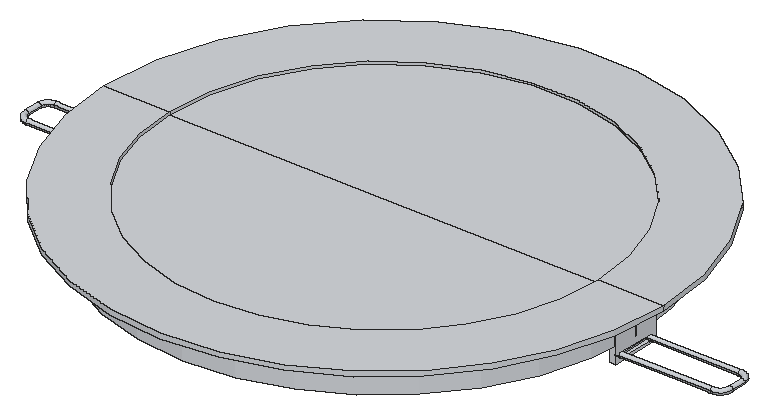
Revit family "0053956", category Lighting Fixtures, host Face, Revit 2017
Family settings
  Host = Face
  Round Connector Dimension = Use Diameter
  Part Type = Normal
  OmniClass Number = 23.80.70.00
  OmniClass Title = Lighting
  Cut with Voids When Loaded = No
  Light Source = Yes
  Shared = No
  Room Calculation Point = No
Parameters (values of type "0053956 SYLFLAT 205 IP44 2200LM 830 DIM")
  Weight = "4.57 kg"
  Wattage Comments = ""
  Wattage = 24 W
  WarrantyStartDate [instance] = "n/a"
  WarrantyGuarantorParts = "n/a"
  WarrantyDurationUnit = "n/a"
  WarrantyDurationParts = "n/a"
  WarrantyDescription = "n/a"
  built-in parameter 1150110 = 1 (stored number, unit not read)
  Voltage = 0 V
  URL = "http://www.sylvania-lighting.com"
  TypeName = "Sylflat 205 IP44 2200lm 830 DIM"
  Type Image = <None>
  Type Comments = "n/a"
  built-in parameter 1114217 = 1 (stored number, unit not read)
  Tilt Angle = -90.00°
  built-in parameter 1150109 = 1 (stored number, unit not read)
  built-in parameter 1150134 = (empty or 0)
  built-in parameter 1150113 = 1 (stored number, unit not read)
  SerialNumber [instance] = "n/a"
  SIZE_203_SYL = 1
  SIZE_155_SYL = 0
  R_DIFF_SYL = if(SIZE_155_SYL = 1, 63.5 mm, if(SIZE_203_SYL = 1, 86.5 mm, 40 mm))  # 86.5 mm
  R2_SYL = if(SIZE_155_SYL = 1, 77.5 mm, if(SIZE_203_SYL = 1, 101.5 mm, 52.5 mm))  # 101.5 mm
  R1_SYL = if(SIZE_155_SYL = 1, 86 mm, if(SIZE_203_SYL = 1, 113 mm, 60 mm))  # 113 mm
  Photometric Web File = "0053956.ies"
  LUM_HEIGHT_SYL = 15 mm - CHAMF_SYL  # 14 mm
  CLIP_SYL = 10 mm
  CLIP_HOLE_SYL = 2.5 mm
  CLIP_HOLE_HE_SYL = 8.5 mm
  CLIP_D_SYL = R2_SYL - 2.5 mm  # 99 mm
  CLIP_DIST_SYL = R2_SYL - 2.5 mm  # 99 mm
  CLIP_CUTOUT_SYL = 19 mm
  CHAMF_SYL = 1 mm
  Material_3_SYL = none
  PowerFactor = 0.9
  PowerConsumption = "24 W"
  NominalLength = 226 mm
  NominalHeight = 21 mm
  NominalDepth = 226 mm
  Name = "Sylflat 205 IP44 2200lm 830 DIM"
  ModelReference = Name  # "Sylflat 205 IP44 2200lm 830 DIM"
  ModelNumber = "0053956"
  Model = Name  # "Sylflat 205 IP44 2200lm 830 DIM"
  Material = "n/a"
  ManufacturerName = "Feilo Sylvania"
  Manufacturer = "Feilo Sylvania"
  LuminousEfficacy = "100 lm/W"
  built-in parameter 1150105 = 190.99 (stored number, unit not read)
  Lumens = 2400 lm
  LuminaireType = ""
  built-in parameter 1150115 = 1 (stored number, unit not read)
  LightOutputRatio = "n/a"
  built-in parameter 1150137 = (empty or 0)
  built-in parameter 1150139 = (empty or 0)
  LampsType = Lamp  # "LED"
  LampNominalLuminous = "2200 lm"
  LampMacAdamStep = "3"
  LampColourTemperature = "3000 K"
  LampColourRenderingIndex = "80"
  built-in parameter 1150112 = 1 (stored number, unit not read)
  built-in parameter 1150114 = 1 (stored number, unit not read)
  Lamp = "LED"
  Keynote = "16500"
  InstallationDate [instance] = "n/a"
  InputVoltage = "n/a"
  InputNominalFrequency = "n/a"
  built-in parameter 1150132 = (empty or 0)
  built-in parameter 1150102 = (empty or 0)
  built-in parameter 1150107 = 3000 (stored number, unit not read)
  built-in parameter 1150138 = (empty or 0)
  IngressProtection = "IP44/20"
  ImpactProtectionIndex = "IK06"
  built-in parameter 1150106 = 1.9099 (stored number, unit not read)
  IfcExportType = "IfcLightFixtureType"
  IfcExportAs = "IfcLightFixtureType"
  Emit from Circle Diameter = 609.6 mm
  Emit Shape Visible in Rendering = no
  ElectricShockClassification = "Class II"
  built-in parameter 1150104 = 9.2903 (stored number, unit not read)
  DocumentationLiterature = "http://www.sylvania-lighting.com/product/en-int/products/0053956"
  DimmingControlOptions = "n/a"
  Material_2_SYL = none
  Dimming Lamp Color Temperature Shift = <None>
  Description = "Sylflat DIM is an integrated LED recessed downlight with separated phase dimmable driver; 24W; 2200Lm; 100Lm/W; 3000K; IP44 rated from the front; 50,000hrs (L70B50)."
  Default Elevation = 1219.2 mm
  CreatedOn = "8/6/2020"
  CreatedBy = "@sylvania-lighting.com"
  Cost = 0
  Color Filter = 16777215
  built-in parameter 1114216 [instance] = (empty or 0)
  ClassificationValue = "EF_70_80"
  ClassificationName = "Uniclass2015"
  Material_1_SYL = none
  CHAMF_2_SYL = 1 mm
  BarCode [instance] = "n/a"
  built-in parameter 1114218 = 1 (stored number, unit not read)
  built-in parameter 1150133 = 10 (stored number, unit not read)
  AssetType = "Fixed"
  AssetIdentifier [instance] = "n/a"
  Assembly Code = "D5020200"
  Apparent Load = 24 VA
  Material_4_SYL = none
Types (17, lengths in mm): name | Weight | Wattage | TypeName | built-in parameter 1150134 | SIZE_203_SYL | SIZE_155_SYL | R_DIFF_SYL | R2_SYL | R1_SYL | Photometric Web File | CLIP_D_SYL | CLIP_DIST_SYL | PowerFactor | PowerConsumption | NominalLength | NominalHeight | NominalDepth | Name | ModelReference | ModelNumber | Model | Material | LuminousEfficacy | built-in parameter 1150105 | Lumens | LampNominalLuminous | LampMacAdamStep | LampColourTemperature | built-in parameter 1150107 | built-in parameter 1150106 | built-in parameter 1150104 | DocumentationLiterature | Description | Apparent Load
  0053988 SYLFLAT 105 IP44 550LM 830 DIM | "3.555 kg" | 7 W | "Sylflat 105 IP44 550lm 830 DIM" | (empty or 0) | 0 | 1 | 63.5 | 77.5 | 86 | "0053988.ies" | 75 | 75 | 0 | "7 W" | 0 | 0 | 0 | "Sylflat 105 IP44 550lm 830 DIM" | "Sylflat 105 IP44 550lm 830 DIM" | "53988" | "Sylflat 105 IP44 550lm 830 DIM" | "n/a" | "78.57 lm/W" | 43.768 (stored number, unit not read) | 550 lm | "550 lm" | "3" | "3000 K" | 3000 (stored number, unit not read) | 0.43768 (stored number, unit not read) | 7.2995 (stored number, unit not read) | "http://www.sylvania-lighting.com/product/en-int/products/0053988" | "Sylflat DIM is an integrated LED recessed downlight with separated phase dimmable driver; 7W; 550Lm; 79Lm/W; 3000K; IP44 rated from the front; 50,000hrs (L70B50)." | 7 VA
  0053957 SYLFLAT 205 IP44 2250LM 840 DIM | "4.57 kg" | 24 W | "Sylflat 205 IP44 2250lm 840 DIM" | 12 | 1 | 0 | 86.5 | 101.5 | 113 | "0053957.ies" | 99 | 99 | 0.9 | "24 W" | 226 | 21 | 226 | "Sylflat 205 IP44 2250lm 840 DIM" | "Sylflat 205 IP44 2250lm 840 DIM" | "53957" | "Sylflat 205 IP44 2250lm 840 DIM" | "n/a" | "103 lm/W" | 196.72 (stored number, unit not read) | 2472 lm | "2250 lm" | "3" | "4000 K" | 4000 (stored number, unit not read) | 1.9672 (stored number, unit not read) | 9.569 (stored number, unit not read) | "http://www.sylvania-lighting.com/product/en-int/products/0053957" | "Sylflat DIM is an integrated LED recessed downlight with separated phase dimmable driver; 24W; 2250Lm; 103Lm/W; 4000K; IP44 rated from the front; 50,000hrs (L70B50)." | 24 VA
  0053956 SYLFLAT 205 IP44 2200LM 830 DIM | "4.57 kg" | 24 W | "Sylflat 205 IP44 2200lm 830 DIM" | (empty or 0) | 1 | 0 | 86.5 | 101.5 | 113 | "0053956.ies" | 99 | 99 | 0.9 | "24 W" | 226 | 21 | 226 | "Sylflat 205 IP44 2200lm 830 DIM" | "Sylflat 205 IP44 2200lm 830 DIM" | "0053956" | "Sylflat 205 IP44 2200lm 830 DIM" | "n/a" | "100 lm/W" | 190.99 (stored number, unit not read) | 2400 lm | "2200 lm" | "3" | "3000 K" | 3000 (stored number, unit not read) | 1.9099 (stored number, unit not read) | 9.2903 (stored number, unit not read) | "http://www.sylvania-lighting.com/product/en-int/products/0053956" | "Sylflat DIM is an integrated LED recessed downlight with separated phase dimmable driver; 24W; 2200Lm; 100Lm/W; 3000K; IP44 rated from the front; 50,000hrs (L70B50)." | 24 VA
  0053955 SYLFLAT 205 IP44 1750LM 840 DIM | "4.57 kg" | 17 W | "Sylflat 205 IP44 1750lm 840 DIM" | 12 | 1 | 0 | 86.5 | 101.5 | 113 | "0053955.ies" | 99 | 99 | 0.9 | "17 W" | 226 | 21 | 226 | "Sylflat 205 IP44 1750lm 840 DIM" | "Sylflat 205 IP44 1750lm 840 DIM" | "53955" | "Sylflat 205 IP44 1750lm 840 DIM" | "aluminium housing, other diffuser" | "103 lm/W" | 139.34 (stored number, unit not read) | 1751 lm | "1750 lm" | "3" | "4000 K" | 4000 (stored number, unit not read) | 1.3934 (stored number, unit not read) | 9.569 (stored number, unit not read) | "http://www.sylvania-lighting.com/product/en-int/products/0053955" | "Sylflat DIM is an integrated LED recessed downlight with separated phase dimmable driver; 17W; 1750Lm; 103Lm/W; 4000K; IP44 rated from the front; 50,000hrs (L70B50)." | 17 VA
  0053954 SYLFLAT 205 IP44 1550LM 830 DIM | "4.57 kg" | 17 W | "Sylflat 205 IP44 1550lm 830 DIM" | (empty or 0) | 1 | 0 | 86.5 | 101.5 | 113 | "0053954.ies" | 99 | 99 | 0.9 | "17 W" | 226 | 21 | 226 | "Sylflat 205 IP44 1550lm 830 DIM" | "Sylflat 205 IP44 1550lm 830 DIM" | "53954" | "Sylflat 205 IP44 1550lm 830 DIM" | "aluminium housing, other diffuser" | "91 lm/W" | 123.11 (stored number, unit not read) | 1547 lm | "1550 lm" | "3" | "3000 K" | 3000 (stored number, unit not read) | 1.2311 (stored number, unit not read) | 8.4542 (stored number, unit not read) | "http://www.sylvania-lighting.com/product/en-int/products/0053954" | "Sylflat DIM is an integrated LED recessed downlight with separated phase dimmable driver; 17W; 1550Lm; 91Lm/W; 3000K; IP44 rated from the front; 50,000hrs (L70B50)." | 17 VA
  0053953 SYLFLAT 155 IP44 1100LM 840 DIM | "3.27 kg" | 12 W | "Sylflat 155 IP44 1100lm 840 DIM" | 12 | 0 | 1 | 63.5 | 77.5 | 86 | "0053953.ies" | 75 | 75 | 0.9 | "12 W" | 172 | 21 | 172 | "Sylflat 155 IP44 1100lm 840 DIM" | "Sylflat 155 IP44 1100lm 840 DIM" | "53953" | "Sylflat 155 IP44 1100lm 840 DIM" | "aluminium housing, other diffuser" | "92 lm/W" | 87.854 (stored number, unit not read) | 1104 lm | "1100 lm" | "3" | "4000 K" | 4000 (stored number, unit not read) | 0.87854 (stored number, unit not read) | 8.5471 (stored number, unit not read) | "http://www.sylvania-lighting.com/product/en-int/products/0053953" | "Sylflat DIM is an integrated LED recessed downlight with separated phase dimmable driver; 12W; 1100Lm; 92Lm/W; 4000K; IP44 rated from the front; 50,000hrs (L70B50)." | 12 VA
  0053952 SYLFLAT 155 IP44 1000LM 830 DIM | "3.27 kg" | 12 W | "Sylflat 155 IP44 1000lm 830 DIM" | (empty or 0) | 0 | 1 | 63.5 | 77.5 | 86 | "0053952.ies" | 75 | 75 | 0.9 | "12 W" | 172 | 21 | 172 | "Sylflat 155 IP44 1000lm 830 DIM" | "Sylflat 155 IP44 1000lm 830 DIM" | "53952" | "Sylflat 155 IP44 1000lm 830 DIM" | "aluminium housing, other diffuser" | "83 lm/W" | 79.259 (stored number, unit not read) | 996 lm | "1000 lm" | "3" | "3000 K" | 3000 (stored number, unit not read) | 0.79259 (stored number, unit not read) | 7.711 (stored number, unit not read) | "http://www.sylvania-lighting.com/product/en-int/products/0053952" | "Sylflat DIM is an integrated LED recessed downlight with separated phase dimmable driver; 12W; 1000Lm; 83Lm/W; 3000K; IP44 rated from the front; 50,000hrs (L70B50)." | 12 VA
  0053951 ST E DOWNLIGHT FLT 205 IP44 2200 865 DIM | "4.57 kg" | 24 W | "START eco Downlight Flat 205 IP44 2200lm 865 DIM" | 1 | 1 | 0 | 86.5 | 101.5 | 113 | "0053951.ies" | 99 | 99 | 0.9 | "24 W" | 226 | 21 | 226 | "START eco Downlight Flat 205 IP44 2200lm 865 DIM" | "START eco Downlight Flat 205 IP44 2200lm 865 DIM" | "53951" | "START eco Downlight Flat 205 IP44 2200lm 865 DIM" | "n/a" | "92 lm/W" | 175.71 (stored number, unit not read) | 2208 lm | "2200 lm" | "5" | "6500 K" | 6500 (stored number, unit not read) | 1.7571 (stored number, unit not read) | 8.5471 (stored number, unit not read) | "http://www.sylvania-lighting.com/product/en-int/products/0053951" | "START eco Downlight Flat IP44 DIM is an integrated LED recessed downlight with separated phase dimmable driver; 24W; 2200Lm; 92Lm/W; 6500K; IP44 rated from the front; 30,000hrs (L70B50)." | 24 VA
  0053950 ST E DOWNLIGHT FLT 205 IP44 1700 865 DIM | "4.57 kg" | 17 W | "START eco Downlight Flat 205 IP44 1700lm 865 DIM" | 1 | 1 | 0 | 86.5 | 101.5 | 113 | "0053950.ies" | 99 | 99 | 0.9 | "17 W" | 226 | 21 | 226 | "START eco Downlight Flat 205 IP44 1700lm 865 DIM" | "START eco Downlight Flat 205 IP44 1700lm 865 DIM" | "53950" | "START eco Downlight Flat 205 IP44 1700lm 865 DIM" | "aluminium housing, other diffuser" | "100 lm/W" | 135.28 (stored number, unit not read) | 1700 lm | "1700 lm" | "5" | "6500 K" | 6500 (stored number, unit not read) | 1.3528 (stored number, unit not read) | 9.2903 (stored number, unit not read) | "http://www.sylvania-lighting.com/product/en-int/products/0053950" | "START eco Downlight Flat IP44 DIM is an integrated LED recessed downlight with separated phase dimmable driver; 17W; 1700Lm; 100Lm/W; 6500K; IP44 rated from the front; 30,000hrs (L70B50)." | 17 VA
  0053949 ST E DOWNLIGHT FLT 155 IP44 1100 865 DIM | "3.27 kg" | 12 W | "START eco Downlight Flat 155 IP44 1100lm 865 DIM" | 1 | 0 | 1 | 63.5 | 77.5 | 86 | "0053949.ies" | 75 | 75 | 0.9 | "12 W" | 172 | 21 | 172 | "START eco Downlight Flat 155 IP44 1100lm 865 DIM" | "START eco Downlight Flat 155 IP44 1100lm 865 DIM" | "53949" | "START eco Downlight Flat 155 IP44 1100lm 865 DIM" | "aluminium housing, other diffuser" | "92 lm/W" | 87.854 (stored number, unit not read) | 1104 lm | "1100 lm" | "5" | "6500 K" | 6500 (stored number, unit not read) | 0.87854 (stored number, unit not read) | 8.5471 (stored number, unit not read) | "http://www.sylvania-lighting.com/product/en-int/products/0053949" | "START eco Downlight Flat IP44 DIM is an integrated LED recessed downlight with separated phase dimmable driver; 12W; 1100Lm; 92Lm/W; 6500K; IP44 rated from the front; 30,000hrs (L70B50)." | 12 VA
  0053944 ST E DOWNLIGHT FLT 205 IP44 2250 840 DIM | "4.57 kg" | 24 W | "START eco Downlight Flat 205 IP44 2250lm 840 DIM" | 12 | 1 | 0 | 86.5 | 101.5 | 113 | "0053944.ies" | 99 | 99 | 0.9 | "24 W" | 226 | 21 | 226 | "START eco Downlight Flat 205 IP44 2250lm 840 DIM" | "START eco Downlight Flat 205 IP44 2250lm 840 DIM" | "53944" | "START eco Downlight Flat 205 IP44 2250lm 840 DIM" | "n/a" | "94 lm/W" | 179.53 (stored number, unit not read) | 2256 lm | "2250 lm" | "5" | "4000 K" | 4000 (stored number, unit not read) | 1.7953 (stored number, unit not read) | 8.7329 (stored number, unit not read) | "http://www.sylvania-lighting.com/product/en-int/products/0053944" | "START eco Downlight Flat IP44 DIM is an integrated LED recessed downlight with separated phase dimmable driver; 24W; 2250Lm; 94Lm/W; 4000K; IP44 rated from the front; 30,000hrs (L70B50)." | 24 VA
  0053942 ST E DOWNLIGHT FLT 205 IP44 1750 840 DIM | "4.57 kg" | 17 W | "START eco Downlight Flat 205 IP44 1750lm 840 DIM" | 12 | 1 | 0 | 86.5 | 101.5 | 113 | "0053942.ies" | 99 | 99 | 0.9 | "17 W" | 226 | 21 | 226 | "START eco Downlight Flat 205 IP44 1750lm 840 DIM" | "START eco Downlight Flat 205 IP44 1750lm 840 DIM" | "53942" | "START eco Downlight Flat 205 IP44 1750lm 840 DIM" | "aluminium housing, other diffuser" | "103 lm/W" | 139.34 (stored number, unit not read) | 1751 lm | "1750 lm" | "5" | "4000 K" | 4000 (stored number, unit not read) | 1.3934 (stored number, unit not read) | 9.569 (stored number, unit not read) | "http://www.sylvania-lighting.com/product/en-int/products/0053942" | "START eco Downlight Flat IP44 DIM is an integrated LED recessed downlight with separated phase dimmable driver; 17W; 1750Lm; 103Lm/W; 4000K; IP44 rated from the front; 30,000hrs (L70B50)." | 17 VA
  0053941 ST E DOWNLIGHT FLT 155 IP44 1100 840 DIM | "3.27 kg" | 12 W | "START eco Downlight Flat 155 IP44 1100lm 840 DIM" | 12 | 0 | 1 | 63.5 | 77.5 | 86 | "0053941.ies" | 75 | 75 | 0.9 | "12 W" | 172 | 21 | 172 | "START eco Downlight Flat 155 IP44 1100lm 840 DIM" | "START eco Downlight Flat 155 IP44 1100lm 840 DIM" | "53941" | "START eco Downlight Flat 155 IP44 1100lm 840 DIM" | "aluminium housing, other diffuser" | "92 lm/W" | 87.854 (stored number, unit not read) | 1104 lm | "1100 lm" | "5" | "4000 K" | 4000 (stored number, unit not read) | 0.87854 (stored number, unit not read) | 8.5471 (stored number, unit not read) | "http://www.sylvania-lighting.com/product/en-int/products/0053941" | "START eco Downlight Flat IP44 DIM is an integrated LED recessed downlight with separated phase dimmable driver; 12W; 1100Lm; 92Lm/W; 4000K; IP44 rated from the front; 30,000hrs (L70B50)." | 12 VA
  0053940 ST E DOWNLIGHT FLT 205 IP44 2200 830 DIM | "4.57 kg" | 24 W | "START eco Downlight Flat 205 IP44 2200lm 830 DIM" | (empty or 0) | 1 | 0 | 86.5 | 101.5 | 113 | "0053940.ies" | 99 | 99 | 0.9 | "24 W" | 226 | 21 | 226 | "START eco Downlight Flat 205 IP44 2200lm 830 DIM" | "START eco Downlight Flat 205 IP44 2200lm 830 DIM" | "53940" | "START eco Downlight Flat 205 IP44 2200lm 830 DIM" | "n/a" | "92 lm/W" | 175.71 (stored number, unit not read) | 2208 lm | "2200 lm" | "5" | "3000 K" | 3000 (stored number, unit not read) | 1.7571 (stored number, unit not read) | 8.5471 (stored number, unit not read) | "http://www.sylvania-lighting.com/product/en-int/products/0053940" | "START eco Downlight Flat IP44 DIM is an integrated LED recessed downlight with separated phase dimmable driver; 24W; 2200Lm; 92Lm/W; 3000K; IP44 rated from the front; 30,000hrs (L70B50)." | 24 VA
  0053938 ST E DOWNLIGHT FLT 205 IP44 1550 830 DIM | "4.57 kg" | 17 W | "START eco Downlight Flat 205 IP44 1550lm 830 DIM" | (empty or 0) | 1 | 0 | 86.5 | 101.5 | 113 | "0053938.ies" | 99 | 99 | 0.9 | "17 W" | 226 | 21 | 226 | "START eco Downlight Flat 205 IP44 1550lm 830 DIM" | "START eco Downlight Flat 205 IP44 1550lm 830 DIM" | "53938" | "START eco Downlight Flat 205 IP44 1550lm 830 DIM" | "aluminium housing, other diffuser" | "91 lm/W" | 123.11 (stored number, unit not read) | 1547 lm | "1550 lm" | "5" | "3000 K" | 3000 (stored number, unit not read) | 1.2311 (stored number, unit not read) | 8.4542 (stored number, unit not read) | "http://www.sylvania-lighting.com/product/en-int/products/0053938" | "START eco Downlight Flat IP44 DIM is an integrated LED recessed downlight with separated phase dimmable driver; 17W; 1550Lm; 91Lm/W; 3000K; IP44 rated from the front; 30,000hrs (L70B50)." | 17 VA
  0053937 ST E DOWNLIGHT FLT 155 IP44 1000 830 DIM | "3.27 kg" | 12 W | "START eco Downlight Flat 155 IP44 1000lm 830 DIM" | (empty or 0) | 0 | 1 | 63.5 | 77.5 | 86 | "0053937.ies" | 75 | 75 | 0.9 | "12 W" | 172 | 21 | 172 | "START eco Downlight Flat 155 IP44 1000lm 830 DIM" | "START eco Downlight Flat 155 IP44 1000lm 830 DIM" | "53937" | "START eco Downlight Flat 155 IP44 1000lm 830 DIM" | "aluminium housing, other diffuser" | "83 lm/W" | 79.259 (stored number, unit not read) | 996 lm | "1000 lm" | "5" | "3000 K" | 3000 (stored number, unit not read) | 0.79259 (stored number, unit not read) | 7.711 (stored number, unit not read) | "http://www.sylvania-lighting.com/product/en-int/products/0053937" | "START eco Downlight Flat IP44 DIM is an integrated LED recessed downlight with separated phase dimmable driver; 12W; 1000Lm; 83Lm/W; 3000K; IP44 rated from the front; 30,000hrs (L70B50)." | 12 VA
  0053989 SYLFLAT 105 IP44 600LM 840 DIM | "3.555 kg" | 7 W | "Sylflat 105 IP44 600lm 840 DIM" | 12 | 0 | 1 | 63.5 | 77.5 | 86 | "0053989.ies" | 75 | 75 | 0 | "7 W" | 0 | 0 | 0 | "Sylflat 105 IP44 600lm 840 DIM" | "Sylflat 105 IP44 600lm 840 DIM" | "53989" | "Sylflat 105 IP44 600lm 840 DIM" | "n/a" | "85.71 lm/W" | 47.746 (stored number, unit not read) | 600 lm | "600 lm" | "3" | "4000 K" | 4000 (stored number, unit not read) | 0.47746 (stored number, unit not read) | 7.9631 (stored number, unit not read) | "http://www.sylvania-lighting.com/product/en-int/products/0053989" | "Sylflat DIM is an integrated LED recessed downlight with separated phase dimmable driver; 7W; 600Lm; 86Lm/W; 4000K; IP44 rated from the front; 50,000hrs (L70B50)." | 7 VA
Reference planes
  plane 1 "Center (Front/Back)": y = 0
  plane 2: z = 0
  plane 3 "Center (Left/Right)": x = 0
  plane 4: z = 1
  plane 5: z = -1
  plane 6: z = -14
  plane 7: x = 113
  plane 8: x = 86.5
  plane 9: x = 101.5
  plane 10: x = 0
  plane 11: x = -96
  plane 12: x = -101.5
  plane 13: y = 10
  plane 14: y = -10
  plane 15: x = 99
  plane 16: z = -19
  plane 17: z = -16.5
  plane 18: y = -8.5
  plane 19: y = 8.5
  plane 20: x = -99
Forms (mm)
  Revolve 1, solid
    sketch origin (0, 0, 0) x (1, 0, 0) y (0, 0, 1)
      loop
        line (0, 0) -> (0, -14) -> (101.5, -14) -> (101.5, -1) -> (113, -1) -> (113, 1) -> (86.5, 1) -> (86.5, 0) -> (0, 0)
      axis (0, 1) -> (0, -14)
    angle from 360 to 0
  Extrusion 2, solid
    sketch origin (0, 0, 0) x (1, 0, 0) y (0, 1, 0)
      loop
        line (99, 10) -> (99, -10) -> (101.5, -10) -> (101.5, 10) -> (99, 10)
      loop
        line (-99, 10) -> (-101.5, 10) -> (-101.5, -10) -> (-99, -10) -> (-99, 10)
    from -20 to -1
  Extrusion 3, void
    sketch origin (319, 1524, 1219.2) x (0, 1, 0) y (0, 0, 1)
      loop
        line (-1515.5, -1238.2) -> (-1515.5, -1235.7) -> (-1532.5, -1235.7) -> (-1532.5, -1238.2) -> (-1515.5, -1238.2)
    from -440.059 to 10
  Sweep 4, solid
    path origin (-31.995, -2.046, -2.165) x (1, 0, 0) y (0, 1, 0)
      loop
        arc (-106, 9.306) -> (-108.828, 8.135) -> (-110, 5.306) r 4
        line (-110, 5.306) -> (-110, -0.922)
        arc (-110, -0.922) -> (-108.828, -3.75) -> (-106, -4.922) r 4
        line (-106, -4.922) -> (-68, -4.922) -> (-68, 9.306) -> (-106, 9.306)
    profile origin (-118.995, 7.26, -2.165) x (0, 1, 0) y (0, 0, 1)
      loop
        circle (0, -15.572) r 0.967
  Sweep 5, solid
    path origin (31.995, -2.046, -2.165) x (-1, 0, 0) y (0, -1, 0)
      loop
        line (-106, -9.306) -> (-68, -9.306) -> (-68, 4.922) -> (-106, 4.922)
        arc (-106, 4.922) -> (-108.828, 3.75) -> (-110, 0.922) r 4
        line (-110, 0.922) -> (-110, -5.306)
        arc (-110, -5.306) -> (-108.828, -8.135) -> (-106, -9.306) r 4
    profile origin (118.995, 7.26, -2.165) x (0, -1, 0) y (0, 0, 1)
      loop
        circle (0, -15.572) r 0.967
Cuts and joins
  Extrusion 3 cuts Extrusion 2
Dimensions and locks
  "LUM_HEIGHT_SYL": host face to plane 6
  "CHAMF_2_SYL": host face to plane 5
  "CHAMF_SYL": plane 4 to host face
  "R_DIFF_SYL": plane 8 to plane 3 "Center (Left/Right)"
  "R2_SYL": plane 3 "Center (Left/Right)" to plane 9
  "R1_SYL": plane 7 to plane 3 "Center (Left/Right)"
  "CLIP_SYL": plane 14 to plane 1 "Center (Front/Back)" to plane 13
  "CLIP_D_SYL": plane 10 to plane 15
  "R2_SYL": plane 10 to plane 9
  "CLIP_CUTOUT_SYL": host face to plane 16
  "CLIP_HOLE_SYL": plane 17 to plane 16
  "CLIP_HOLE_HE_SYL": plane 19 to plane 1 "Center (Front/Back)" to plane 18
  "R2_SYL": plane 12 to plane 10
  "CLIP_D_SYL": plane 20 to plane 3 "Center (Left/Right)"
  aligned and locked: plane 2 to host face
  aligned and locked: level to host face
  aligned and locked: Revolve 1 sketch curve to plane 3 "Center (Left/Right)"
  aligned and locked: plane 13 to Extrusion 2 sketch curve
  aligned and locked: Extrusion 2 sketch curve to plane 15
  aligned and locked: Extrusion 2 sketch curve to plane 14
  aligned and locked: plane 9 to Extrusion 2 sketch curve
  aligned and locked: Extrusion 3 sketch curve to plane 16
  aligned and locked: plane 19 to Extrusion 3 sketch curve
  aligned and locked: Extrusion 3 sketch curve to plane 17
  aligned and locked: Extrusion 3 sketch curve to plane 18
  aligned and locked: Extrusion 2 sketch curve to plane 13
  aligned and locked: Extrusion 2 sketch curve to plane 20
  aligned and locked: plane 14 to Extrusion 2 sketch curve
  aligned and locked: plane 12 to Extrusion 2 sketch curve
Automatic sketch dimensions
  host sketch curve to host sketch curve = 2438.4 mm  (x2)
  Revolve 1 sketch curve to level = 0 mm
  Revolve 1 sketch curve to plane 3 "Center (Left/Right)" = 0 mm
  plane 8 to Revolve 1 sketch curve = 0 mm
  Revolve 1 sketch curve to plane 6 = 0 mm
  plane 9 to Revolve 1 sketch curve = 0 mm
  Revolve 1 sketch curve to plane 5 = 0 mm
  plane 7 to Revolve 1 sketch curve = 0 mm
  Revolve 1 sketch curve to plane 4 = 0 mm
  Revolve 1 sketch curve to plane 16 = 584.6 mm
  Revolve 1 sketch curve to plane 4 = 2608.058 mm
  plane 1 "Center (Front/Back)" to Sweep 4 sketch curve = 2.968 mm
  plane 12 to Sweep 4 sketch curve = 40.495 mm
  Sweep 4 sketch curve to plane 18 = 1.532 mm
  Sweep 4 sketch curve to Sweep 4 sketch curve = 4 mm
  plane 20 to Sweep 4 sketch curve = 0.995 mm
  Sweep 4 sketch curve to plane 1 "Center (Front/Back)" = 3.26 mm
  Sweep 4 sketch curve to profile plane = 0 mm
  Sweep 4 sketch curve to profile plane = 15.572 mm
  plane 1 "Center (Front/Back)" to Sweep 5 sketch curve = 2.968 mm
  Sweep 5 sketch curve to plane 7 = 28.995 mm
  Sweep 5 sketch curve to plane 18 = 1.532 mm
  Sweep 5 sketch curve to Sweep 5 sketch curve = 4 mm
  Sweep 5 sketch curve to plane 15 = 0.995 mm
  Sweep 5 sketch curve to plane 1 "Center (Front/Back)" = 3.26 mm
  Sweep 5 sketch curve to profile plane = 0 mm
  Sweep 5 sketch curve to profile plane = 15.572 mm
  radius of Sweep 4 sketch curve = 0.967 mm
  radius of Sweep 5 sketch curve = 0.967 mm
